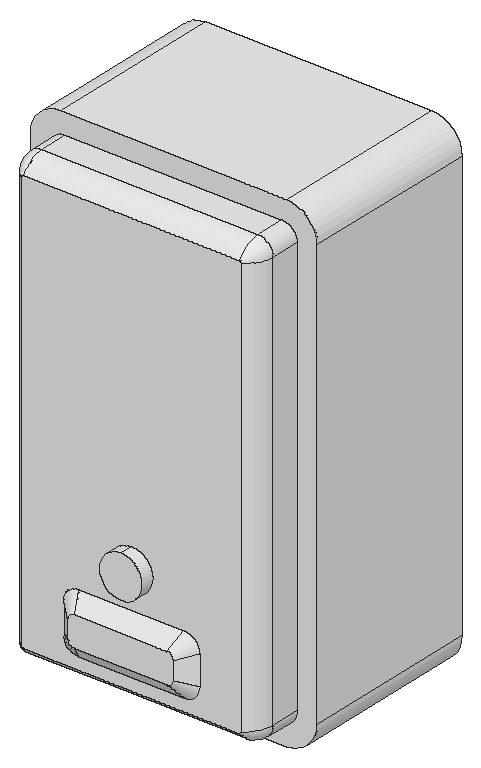
Revit family
Parameters (values of type "Parametric")
  Width = 0' - 4 3/4"
  Subcategory = "Home Decor"
  SmartBIM Object Version = 3  # constant formula
  SmartBIM Object Created By = "Reed Construction Data"  # constant formula
  Material = Steel-Satin Finish
  Manufacturer = ""
  Height = 0' - 8 1/8"
  Default Elevation = 0' - 0"  # constant formula
  Assembly Code = "E2020200"
  95 CSI = "10810"
  04 CSI = "10 28 13"
Reference planes (in)
  plane 1 "Center (Front/Back)": y = 0
  plane 2: z = 49.75
  plane 3 "Center (Left/Right)": x = -3.18752
  plane 4: x = -5.56252
  plane 5: x = -0.81252
  plane 6: z = 56.125
  plane 7: z = 48
  plane 8: y = -3.875
  plane 9 "Placement Plane": y = -3
  plane 10: y = -3.5
  plane 11: z = 50.34375
Forms (in)
  Extrusion 1, solid, material "Steel-Satin Finish" <- "Material"
    sketch origin (0, 0, 0) x (1, 0, 0) y (0, 0, 1)
      loop
        line (-5.06252, 48) -> (-1.31252, 48)
        arc (-1.31252, 48) -> (-0.95897, 48.14645) -> (-0.81252, 48.5) r 0.5
        line (-0.81252, 48.5) -> (-0.81252, 55.625)
        arc (-0.81252, 55.625) -> (-0.95897, 55.97855) -> (-1.31252, 56.125) r 0.5
        line (-1.31252, 56.125) -> (-5.06252, 56.125)
        arc (-5.06252, 56.125) -> (-5.41608, 55.97855) -> (-5.56252, 55.625) r 0.5
        line (-5.56252, 55.625) -> (-5.56252, 48.5)
        arc (-5.56252, 48.5) -> (-5.41608, 48.14645) -> (-5.06252, 48) r 0.5
    from 0 to 3
  Blend 2, solid, material "Steel-Satin Finish" <- "Material"
    base sketch origin (-11.64465, -0.875, 48.25) x (-1, 0, 0) y (0, 0, 1)
      loop
        line (-7.6884, 1.25) -> (-9.22584, 1.25)
        arc (-9.22584, 1.25) -> (-9.301, 1.21887) -> (-9.33212, 1.14372) r 0.10628
        line (-9.33212, 1.14372) -> (-9.33212, 0.85628)
        arc (-9.33212, 0.85628) -> (-9.301, 0.78113) -> (-9.22584, 0.75) r 0.10628
        line (-9.22584, 0.75) -> (-7.6884, 0.75)
        arc (-7.6884, 0.75) -> (-7.61325, 0.78113) -> (-7.58212, 0.85628) r 0.10628
        line (-7.58212, 0.85628) -> (-7.58212, 1.14372)
        arc (-7.58212, 1.14372) -> (-7.61325, 1.21887) -> (-7.6884, 1.25) r 0.10628
    top sketch origin (-11.64465, -0.875, 48.25) x (-1, 0, 0) y (0, 0, 1)
      loop
        line (-7.58212, 1.5) -> (-9.33212, 1.5)
        arc (-9.33212, 1.5) -> (-9.5089, 1.42678) -> (-9.58212, 1.25) r 0.25
        line (-9.58212, 1.25) -> (-9.58212, 0.75)
        arc (-9.58212, 0.75) -> (-9.5089, 0.57322) -> (-9.33212, 0.5) r 0.25
        line (-9.33212, 0.5) -> (-7.58212, 0.5)
        arc (-7.58212, 0.5) -> (-7.40535, 0.57322) -> (-7.33212, 0.75) r 0.25
        line (-7.33212, 0.75) -> (-7.33212, 1.25)
        arc (-7.33212, 1.25) -> (-7.40535, 1.42678) -> (-7.58212, 1.5) r 0.25
    from -3.21943 to -3
  Extrusion 3, solid, material "Steel-Satin Finish" <- "Material"
    sketch origin (-11.64465, -0.875, 50.1875) x (-1, 0, 0) y (0, 0, 1)
      loop
        circle (-8.45712, 0.15625) r 0.3495
    from -3 to -3.21943
  Extrusion 4, solid, material "Steel-Satin Finish" <- "Material"
    sketch origin (0, 0, 0) x (1, 0, 0) y (0, 0, 1)
      loop
        line (-1.39455, 55.79297) -> (-4.98049, 55.79297)
        arc (-4.98049, 55.79297) -> (-5.15727, 55.71975) -> (-5.23049, 55.54297) r 0.25
        line (-5.23049, 55.54297) -> (-5.23049, 48.58203)
        arc (-5.23049, 48.58203) -> (-5.15727, 48.40525) -> (-4.98049, 48.33203) r 0.25
        line (-4.98049, 48.33203) -> (-1.39455, 48.33203)
        arc (-1.39455, 48.33203) -> (-1.21778, 48.40525) -> (-1.14455, 48.58203) r 0.25
        line (-1.14455, 48.58203) -> (-1.14455, 55.54297)
        arc (-1.14455, 55.54297) -> (-1.21778, 55.71975) -> (-1.39455, 55.79297) r 0.25
    from 3 to 3.5
  Sweep 5, solid, material "Steel-Satin Finish" <- "Material"
    path origin (-7.43589, -0.5, 48) x (-1, 0, 0) y (0, 0, 1)
      loop
        line (-2.2054, 0.58203) -> (-2.2054, 7.54297)
        arc (-2.2054, 7.54297) -> (-2.27862, 7.71975) -> (-2.4554, 7.79297) r 0.25
        line (-2.4554, 7.79297) -> (-6.04134, 7.79297)
        arc (-6.04134, 7.79297) -> (-6.21811, 7.71975) -> (-6.29134, 7.54297) r 0.25
        line (-6.29134, 7.54297) -> (-6.29134, 0.58203)
        arc (-6.29134, 0.58203) -> (-6.21811, 0.40525) -> (-6.04134, 0.33203) r 0.25
        line (-6.04134, 0.33203) -> (-2.4554, 0.33203)
        arc (-2.4554, 0.33203) -> (-2.27862, 0.40525) -> (-2.2054, 0.58203) r 0.25
    profile origin (-5.23049, -0.5, 52.0625) x (1, 0, 0) y (0, 1, 0)
      loop
        arc (0, -3) -> (0.06821, -3.21062) -> (0.21651, -3.375) r 0.52999
        line (0.21651, -3.375) -> (0.21651, -3) -> (0, -3)
  Extrusion 6, solid, material "Steel-Satin Finish" <- "Material"
    sketch origin (-7.43589, -0.5, 48) x (-1, 0, 0) y (0, 0, 1)
      loop
        line (-2.4554, 7.57646) -> (-6.04134, 7.57646)
        arc (-6.04134, 7.57646) -> (-6.06502, 7.56665) -> (-6.07483, 7.54297) r 0.03349
        line (-6.07483, 7.54297) -> (-6.07483, 0.58203)
        arc (-6.07483, 0.58203) -> (-6.06502, 0.55835) -> (-6.04134, 0.54854) r 0.03349
        line (-6.04134, 0.54854) -> (-2.4554, 0.54854)
        arc (-2.4554, 0.54854) -> (-2.43172, 0.55835) -> (-2.42191, 0.58203) r 0.03349
        line (-2.42191, 0.58203) -> (-2.42191, 7.54297)
        arc (-2.42191, 7.54297) -> (-2.43172, 7.56665) -> (-2.4554, 7.57646) r 0.03349
    from -3 to -3.375
Cuts and joins
  joined: Extrusion 4, Sweep 5, Extrusion 6
Text (in)
  text "Placement side" at (-50.92417, -21.01404, 0), in view "Ref. Level"
Dimensions and locks (in)
  "Width": plane 4 to plane 5
  equal spacing: plane 4, plane 3 "Center (Left/Right)", plane 5
  "Height": plane 6 to plane 7
  locked: Blend 2 sketch curve to Blend 2 sketch curve at 2.25
  Blend 2 sketch curve to plane 3 "Center (Left/Right)" to Blend 2 sketch curve = 0' - 1 1/8", 0' - 1 1/8"
  locked: Blend 2 sketch curve to var sketch at 0.25  (x3)
  Blend 2 sketch curve to Blend 2 sketch curve = 0' - 1 3/4"
  plane 1 "Center (Front/Back)" to plane 8 = 0' - 3 7/8"
  locked: plane 9 "Placement Plane" to plane 8 at 0.875
  locked: plane 9 "Placement Plane" to plane 10 at 0.5
  locked: plane 8 to Extrusion 3 at 0.21943
  locked: plane 2 to plane 7 at 1.75
  locked: plane 11 to plane 2 at 0.59375
  aligned and locked: Extrusion 1 sketch curve to plane 7
  aligned and locked: Extrusion 1 sketch curve to plane 5
  aligned and locked: plane 3 "Center (Left/Right)" to Extrusion 3 sketch curve  (x2)
  aligned and locked: Sweep 5 sketch curve to Extrusion 4  (x4)
  aligned and locked: Extrusion 6 sketch curve to Sweep 5  (x3)
  aligned and locked: plane 8 to Extrusion 3
  aligned and locked: plane 10 to cut or joined group of Extrusion 4, Sweep 5, Extrusion 6
  aligned and locked: Extrusion 6 to Extrusion 3
  aligned and locked: Sweep 5 to Extrusion 6
  aligned and locked: Extrusion 4 to Sweep 5
  aligned and locked: plane 9 "Placement Plane" to Extrusion 4
  aligned and locked: Blend 2 to Extrusion 3  (x2)
  aligned and locked: Extrusion 1 to cut or joined group of Extrusion 4, Sweep 5, Extrusion 6
  aligned and locked: Extrusion 1 to plane 1 "Center (Front/Back)"
  aligned and locked: Blend 2 sketch curve to plane 2
  aligned and locked: plane 11 to Extrusion 3 sketch curve
Automatic sketch dimensions
  Extrusion 1 sketch curve to plane 4 = 0' - 0"
  Extrusion 1 sketch curve to plane 6 = 0' - 0"
  plane 4 to Extrusion 1 sketch curve = 0' - 0 1/2"
  Extrusion 1 sketch curve to Extrusion 1 sketch curve = 0' - 0 1/2"
  plane 5 to Extrusion 1 sketch curve = 0' - 0 1/2"  (x2)
  Blend 2 sketch curve to Blend 2 sketch curve = 0' - 0.10628"  (x4)
  Blend 2 sketch curve to Blend 2 sketch curve = 0' - 0 1/4"  (x4)
  plane 4 to Extrusion 4 sketch curve = 0' - 0 85/256"
  Extrusion 4 sketch curve to Extrusion 4 sketch curve = 0' - 0 1/4"  (x3)
  plane 5 to Extrusion 4 sketch curve = 0' - 0 149/256"  (x2)
  plane 7 to Extrusion 4 sketch curve = 0' - 0 85/256"
  Extrusion 4 sketch curve to plane 6 = 0' - 0 149/256"
  Sweep 5 sketch curve to Sweep 5 sketch curve = 0' - 0 1/4"  (x2)
  Sweep 5 sketch curve to profile plane = 0' - 0"
  Sweep 5 sketch curve to profile plane = 0' - 0.21651"
  Sweep 5 sketch curve to Sweep 5 sketch curve = 0' - 0.31069"
  Sweep 5 sketch curve to Sweep 5 sketch curve = 0' - 0 3/8"
  Extrusion 6 sketch curve to Extrusion 6 sketch curve = 0' - 0.03349"  (x2)
  Sweep 5 sketch curve to profile plane = 0' - 3 3/8"
  Blend 2 sketch curve to Blend 2 sketch curve = 0' - 0.28744"
  Blend 2 sketch curve to Blend 2 sketch curve = 0' - 0 1/2"
  Extrusion 3 sketch curve to Extrusion 3 sketch curve = 0' - 0.3495"
